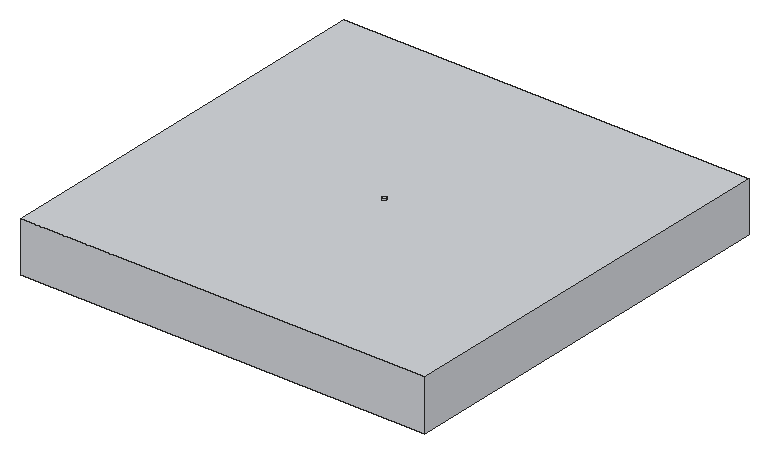
Revit family "M_Elétrica - Conector de alimentação desequilibrada", category Iluminação elétrica, Revit 2019
Family settings
  Hospedeiro = Face
  Manter orientação da anotação = Não
  Cota do conector redondo = Utilizar diâmetro
  Tipo de parte = Normal
  Número OmniClass = 23.80.00.00
  Título OmniClass = Electric Power and Lighting
  ID de item do Seek = Electrical Fixtures - Unbalanced Power Connector-0000-CAN-ENU
  Corte com vazios quando carregada = Não
  Compartilhado = Não
  Ponto de cálculo do ambiente = Não
Parameters (values of type "208 V")
  Espessura = 3.2 mm
  Raio = 0.5 * Diâmetro  # 12.7 mm
  Classificação de carga = Outros
  Diâmetro = 25.4 mm
  Elevação-padrão = 1200 mm
  Voltagem do conector = 208 V
  Número de pólos do conector = 3
Types (6, lengths in mm): name | Espessura | Voltagem do conector | Número de pólos do conector
  (no name) | 3.2 | 208 V | 3
  120 V | 3.175 | 120 V | 1
  208 V | 3.2 | 208 V | 3
  277 V | 3.175 | 277 V | 1
  240 V | 3.175 | 240 V | 2
  480 V | 3.2 | 480 V | 3
Reference planes
  plane 1 "Centro (Frente/Trás)": y = 0
  plane 2: z = 0
  plane 3 "Centro (Esquerda/Direita)": x = 0
  plane 4: z = 3.2
Forms (mm)
  Extrusion 1, solid
    sketch origin (0, 0, 0) x (1, 0, 0) y (0, 1, 0)
      loop
        line (-1219.2, 1219.2) -> (-1219.2, -1219.2) -> (1219.2, -1219.2) -> (1219.2, 1219.2) -> (-1219.2, 1219.2)
    from 0 to -304.8
  Extrusion 2, solid
    sketch origin (0, 0, 0) x (1, 0, 0) y (0, 1, 0)
      loop
        circle (0, 0) r 12.7
    from 0 to 3.2
Dimensions and locks
  "Espessura": plane 4 to level
  "Raio": radius of Extrusion 2 sketch curve
  aligned and locked: plane 2 to Extrusion 1
  aligned and locked: level to Extrusion 1
  aligned and locked: plane 4 to Extrusion 2
  aligned and locked: plane 1 "Centro (Frente/Trás)" to Extrusion 2 sketch curve
  aligned and locked: plane 3 "Centro (Esquerda/Direita)" to Extrusion 2 sketch curve
Automatic sketch dimensions
  Extrusion 1 sketch curve to Extrusion 1 sketch curve = 2438.4 mm  (x2)
Connectors
  electrical at (0, 0, 3.2), driven by "Número de pólos do conector", driven by "Voltagem do conector", driven by "Classificação de carga"
    settings: on Extrusion 2, index 1, voltage 208 V, apparent load 0 VA, apparent load phase1 0 VA, apparent load phase2 0 VA, apparent load phase3 0 VA, power factor 1, load classification "Outros", number of poles 3, system type 31, power factor state 1, is connector primary yes, connector utility no, sub classification motor no, connector description ""
